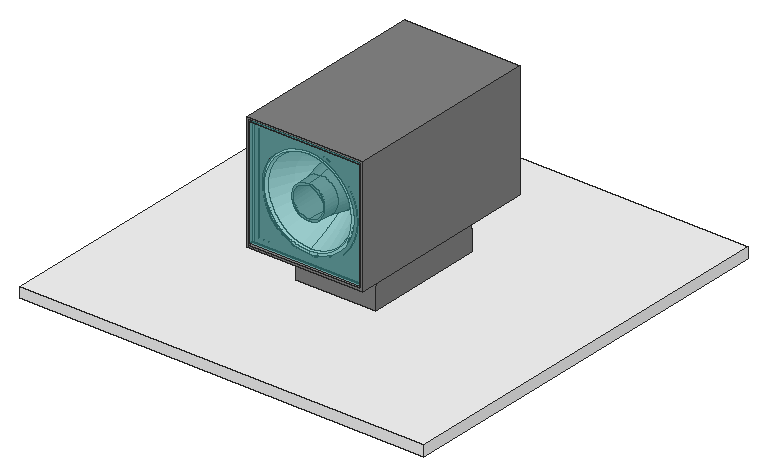
Revit family "BE_24616_de_DE", category Leuchten, Revit 2020
Family settings
  Basisbauteil = Fläche
  Bemaßung runder Anschluss = Durchmesser verwenden
  Teiletyp = Normal
  Beim Laden mit Abzugskörper schneiden = Ja
  Lichtquelle = Ja
  Gemeinsam genutzt = Nein
  Raumberechnungspunkt = Ja
Parameters (values of type "BEGA_24616_Grafit_K3")
  built-in parameter 1150104 = 16.37 (stored number, unit not read)
  Wattage = 16.8 W
  Default Elevation = 0 mm
  built-in parameter 1150113 = 1 (stored number, unit not read)
  built-in parameter 1114218 = 1 (stored number, unit not read)
  Umgebungstemperatur = "25 °C"
  URL = "https://www.bega.com/de/produkt/24616"
  Typenkommentare = "© 2022 BEGA. Wir behalten uns das Recht vor, technische Änderungen ohne vorherige Ankündigung vorzunehmen."  # constant formula
  built-in parameter 1150134 = (empty or 0)
  built-in parameter 1150109 = 1 (stored number, unit not read)
  Strom = ""
  built-in parameter 1150110 = 1 (stored number, unit not read)
  Spannung = 239.996 V
  Sonderanfertigung = no
  Seriennummer [instance] = "Hier können Sie die eindeutige Seriennummer für das Facility Management eintragen."
  Schutzklasse = "I"
  Schutzart = "IP 65"
  Scheinlast = 0 VA
  Produktdatenblatt = "https://cdn.bega.com/bega/products/24616AK3/current/documents/data-sheets/de"
  Oberflächentemperatur = ""
  Neigungswinkel = 0.00°
  Modell = "24616K3"
  Material_18 = BEGA_Gummi_schwarz
  Material_17 = BEGA_Reflektor
  Material_15 = BEGA_Leuchtmedium_matt
  Material_11 = BEGA_Glas_opal
  Material_09 = BEGA_Glas_klar
  Material_06 = BEGA_Oberfläche_Edelstahl_gebürstet
  Material_03 = BEGA_Oberfläche_Weiss_matt
  Material_02 = BEGA_Oberfläche_Silber_matt
  Material_01 [instance] = BEGA_Oberfläche_Grafit_matt
  M_W = no
  M_G = yes
  M_A = no
  Logo = 0
  built-in parameter 1114217 = 1 (stored number, unit not read)
  built-in parameter 1150139 = (empty or 0)
  built-in parameter 1150105 = 235.56 (stored number, unit not read)
  built-in parameter 1150114 = 1 (stored number, unit not read)
  Lumens = 2960.16 lm
  built-in parameter 1150115 = 1 (stored number, unit not read)
  Leuchtenlichtstrom = "980 lm"
  Leuchtenanzahl = ""
  Lebensdauerkriterien = "L70B50 @ 25 °C = 170000 h"
  Lastklassifizierung = Beleuchtung
  built-in parameter 1150112 = 1 (stored number, unit not read)
  Lampenlichtstrom = "2960 lm"
  Lampe = "LED 16.8 W"
  LED_Modulbezeichnung = "2x LED-1145/830"
  built-in parameter 1150142 = (empty or 0)
  Hersteller = "BEGA"  # constant formula
  Halbstreuwinkel = ""
  Gewicht = "2.65 kg"
  Gebrauchslageneinschränkung [instance] = ""
  Frequenz = "0/50-60 Hz"
  Farbwiedergabeindex = "CRI > 80"
  Farbtemperaturverschiebung bei Dämpfen der Lampe = <Keine Auswahl>
  Farbtemperatur = "3000 K"
  Color Filter = 16777215
  built-in parameter 1150133 = 10 (stored number, unit not read)
  Energieeffizienzklasse = "LED A++ - A"
  built-in parameter 1150137 = (empty or 0)
  built-in parameter 1150132 = (empty or 0)
  ENEC = ""
  Dimmbar [instance] = "on/off"
  Datei für fotometrisches Netz = "BE_24616K3.IES"
  CE_Konformität = "ja"
  Bestellnummer = "24616K3"
  Beschreibung_Sonderanfertigung = "Hier können Sie Informationen zur Sonderanfertigung eintragen."
  Beschreibung = "Wandleuchte"
  built-in parameter 1150106 = 2.3556 (stored number, unit not read)
  Befestigungsbohrung = "Ø 4,4 mm"
  Befestigungsabstand = "60 x 95 mm"
  Ballwurfsicher = ""
  BEGA_Intern_aus = yes
  BEGA_Intern_an = yes
  BEGA_Intern_Konstruktion = yes
  BEGA_Intern = yes
  BEGA_IES = yes
  BEGA_Dummy = no
  Anschlussleitung = ""
  Anschlussleistung [instance] = "19 W"
  Anschlusskasten = ""
  built-in parameter 1150107 = 3000 (stored number, unit not read)
  built-in parameter 1150102 = (empty or 0)
  built-in parameter 1150138 = (empty or 0)
  Aktualisierung = "2022-05-18T04:00:07"
  Abstand_zur_angestrahlten_Fläche [instance] = ""
  AC/DC = "AC/DC"
Types (6, lengths in mm): name | built-in parameter 1150104 | built-in parameter 1150134 | Modell | M_W | M_G | M_A | built-in parameter 1150105 | Lumens | Leuchtenlichtstrom | Lampenlichtstrom | LED_Modulbezeichnung | Farbtemperatur | Datei für fotometrisches Netz | Bestellnummer | built-in parameter 1150106 | built-in parameter 1150107
  BEGA_24616_Grafit_K3 | 16.37 (stored number, unit not read) | (empty or 0) | "24616K3" | no | yes | no | 235.56 (stored number, unit not read) | 2960.16 lm | "980 lm" | "2960 lm" | "2x LED-1145/830" | "3000 K" | "BE_24616K3.IES" | "24616K3" | 2.3556 (stored number, unit not read) | 3000 (stored number, unit not read)
  BEGA_24616_Grafit_K4 | 17.196 (stored number, unit not read) | 12 | "24616K4" | no | yes | no | 247.46 (stored number, unit not read) | 3109.68 lm | "1029 lm" | "3110 lm" | "2x LED-1145/840" | "4000 K" | "BE_24616K4.IES" | "24616K4" | 2.4746 (stored number, unit not read) | 4000 (stored number, unit not read)
  BEGA_24616_Weiß_K3 | 16.37 (stored number, unit not read) | (empty or 0) | "24616WK3" | yes | no | no | 235.56 (stored number, unit not read) | 2960.16 lm | "980 lm" | "2960 lm" | "2x LED-1145/830" | "3000 K" | "BE_24616K3.IES" | "24616WK3" | 2.3556 (stored number, unit not read) | 3000 (stored number, unit not read)
  BEGA_24616_Weiß_K4 | 17.196 (stored number, unit not read) | 12 | "24616WK4" | yes | no | no | 247.46 (stored number, unit not read) | 3109.68 lm | "1029 lm" | "3110 lm" | "2x LED-1145/840" | "4000 K" | "BE_24616K4.IES" | "24616WK4" | 2.4746 (stored number, unit not read) | 4000 (stored number, unit not read)
  BEGA_24616_Silber_K3 | 16.37 (stored number, unit not read) | (empty or 0) | "24616AK3" | no | no | yes | 235.56 (stored number, unit not read) | 2960.16 lm | "980 lm" | "2960 lm" | "2x LED-1145/830" | "3000 K" | "BE_24616K3.IES" | "24616AK3" | 2.3556 (stored number, unit not read) | 3000 (stored number, unit not read)
  BEGA_24616_Silber_K4 | 17.196 (stored number, unit not read) | 12 | "24616AK4" | no | no | yes | 247.46 (stored number, unit not read) | 3109.68 lm | "1029 lm" | "3110 lm" | "2x LED-1145/840" | "4000 K" | "BE_24616K4.IES" | "24616AK4" | 2.4746 (stored number, unit not read) | 4000 (stored number, unit not read)
Reference planes
  plane 1 "Mitte (Vorne/Hinten)": y = 0
  plane 2: z = 0
  plane 3 "Mitte (Links/Rechts)": x = 0
  plane 4 "Links": x = -57.544
  plane 5 "Rechts": x = 56.748
  plane 6 "Unten": y = -97.7
  plane 7 "Oben": y = 97.7
  plane 8 "Vorne": z = 155.7
  plane 9 "Hinten": z = 0
Forms (mm)
  Extrusion 1, solid, material "BEGA_Platte_Weiss"
    sketch origin (0, -1119.2, 0) x (1, 0, 0) y (0, 1, 0)
      loop
        line (-200, 1319.2) -> (-200, 919.2) -> (200, 919.2) -> (200, 1319.2) -> (-200, 1319.2)
    from 0 to -10
  Extrusion 2, solid, material "BEGA_Dummy_matt", visible <- "BEGA_Dummy"
    sketch origin (80.095, -76.023, 0) x (1, 0, 0) y (0, 1, 0)
      loop
        line (-137.639, 173.723) -> (-137.639, -21.677) -> (-23.347, -21.677) -> (-23.347, 173.723) -> (-137.639, 173.723)
    from 0 to 155.7
Dimensions and locks
  plane 1 "Mitte (Vorne/Hinten)" to Extrusion 1 = 200 mm
  aligned and locked: Extrusion 1 to plane 2
  aligned and locked: Extrusion 1 to level
Nested families
  nested 1: "BE_24616" at (0, 0, 0) x (0, 1, 0) z (0, 0, 1), type "BE_24616"
Connectors
  electrical at (0, 0, 0), driven by "Lastklassifizierung", driven by "Spannung", driven by "Scheinlast"
    settings: index 1, voltage 239.996 V, apparent load 0 VA, apparent load phase1 0 VA, apparent load phase2 0 VA, apparent load phase3 0 VA, power factor 1, load classification "Beleuchtung", number of poles 1, system type 31, power factor state 1, is connector primary yes, connector utility no, sub classification motor no, connector description ""
Definition of nested family "BE_24616"
  Parameters (values of type "BE_24616")
    Default Elevation = 1 mm
    URL = "http://www.bega.de/de/produkt"
    Type Comments = "© 2015 BEGA. Wir behalten uns das Recht vor, technische Änderungen ohne vorherige Ankündigung vorzunehmen. "  # constant formula
    Type Image = (empty or 0)
    Neigungswinkel_um_Z2 = 0.00°
    Neigungswinkel_um_Z1 = 0.00°
    Neigungswinkel_um_Y2 = 0.00°
    Neigungswinkel_um_Y1 = 0.00°
    Neigungswinkel_um_X2 = 0.00°
    Neigungswinkel_um_X1 = 0.00°
    Material_18 = none
    Material_17 = none
    Material_15 = none
    Material_11 = none
    Material_09 = none
    Material_06 = none
    Material_03 = none
    Material_02 = none
    Material_01 = none
    M_W = yes
    M_G = yes
    M_A = yes
    Länge_Platte = 400 mm  # constant formula
    Höhe_Platte = -20 mm  # constant formula
    Manufacturer = "BEGA"  # constant formula
    Drehwinkel_um_Z2 = 0.00°
    Drehwinkel_um_Z1 = 0.00°
    Breite_Platte = 400 mm  # constant formula
  Reference planes
    plane 1 "Mitte (Oben/Unten)": y = 0
    plane 2: z = 0
    plane 3 "Mitte (Links/Rechts)": x = 0
    plane 4: y = -56.748
    plane 5: z = 155.7
    plane 6: x = 97.7
    plane 7: x = -97.7
    plane 8: y = 57.544
  Forms (mm)
    Extrusion 1, solid, detail levels medium
      sketch origin (0, 0, 0) x (1, 0, 0) y (0, 1, 0)
        loop
          line (-200, 200) -> (-200, -200) -> (200, -200) -> (200, 200) -> (-200, 200)
      from 0 to -20 <- "Höhe_Platte"
    Extrusion 2, solid, material <- "Material_01", visible <- "M_G"
      sketch origin (0, 0, 0) x (1, 0, 0) y (0, 0, 1)
        loop
          line (-97.491, 155.7) -> (-97.491, 40.7) -> (97.5, 40.7) -> (97.5, 155.7) -> (-97.491, 155.7)
      from -57.544 to 56.748
    Extrusion 3, void
      sketch origin (0, 0, 0) x (1, 0, 0) y (0, 0, 1)
        loop
          line (-42, 49.999) -> (-42, 146.401) -> (-99.803, 146.401) -> (-99.803, 49.999) -> (-42, 49.999)
      from -48.649 to 48.6
    Extrusion 4, void
      sketch origin (0, 0, 0) x (-1, 0, 0) y (0, 0, -1)
        loop
          line (-42, -49.999) -> (-99.803, -49.999) -> (-99.803, -146.401) -> (-42, -146.401) -> (-42, -49.999)
      from -48.649 to 48.6
    Extrusion 5, void
      sketch origin (0, 0, 0) x (1, 0, 0) y (0, 0, 1)
        loop
          line (-93.3, 43.865) -> (-93.3, 152.535) -> (-100.047, 154.991) -> (-100.047, 41.409) -> (-93.3, 43.865)
      from -55.733 to 54.967
    Extrusion 6, void
      sketch origin (0, 0, 0) x (-1, 0, 0) y (0, 0, -1)
        loop
          line (-93.3, -43.865) -> (-100.047, -41.409) -> (-100.047, -154.991) -> (-93.3, -152.535) -> (-93.3, -43.865)
      from -55.733 to 54.967
    Extrusion 7, solid, material <- "Material_18"
      sketch origin (0, 0, 0) x (0, 1, 0) y (0, 0, -1)
        loop
          line (-53.81, -151.7) -> (53.19, -151.7) -> (53.19, -44.7) -> (-53.81, -44.7) -> (-53.81, -151.7)
        loop
          circle (-0.31, -98.2) r 45.5
      from 93.3 to 93.6
    Revolve 8, solid, material <- "Material_17"
      sketch origin (0, 0, 0) x (1, 0, 0) y (0, 0, 1)
        loop
          line (-93.3, 141.201) -> (-90.658, 140.206)
          arc (-90.658, 140.206) -> (-69.464, 131.212) -> (-49.638, 119.507) r 174.538
          line (-49.638, 119.507) -> (-46.3, 119.507) -> (-46.3, 108.221) -> (-45.1, 108.2) -> (-45.1, 120.586) -> (-49.062, 120.586)
          arc (-49.062, 120.586) -> (-68.639, 132.102) -> (-89.515, 141.055) r 179.487
          line (-89.515, 141.055) -> (-92.1, 142.034) -> (-92.1, 147.2) -> (-93.3, 147.2) -> (-93.3, 141.201)
        axis (-93.3, 98.2) -> (-45.1, 98.2)
      angle from 0 to 360
    Revolve 9, solid, material <- "Material_17"
      sketch origin (0, 0, 0) x (-1, 0, 0) y (0, 0, 1)
        loop
          line (-93.3, 141.201) -> (-90.658, 140.206)
          arc (-90.658, 140.206) -> (-69.464, 131.212) -> (-49.638, 119.507) r 174.538
          line (-49.638, 119.507) -> (-46.3, 119.507) -> (-46.3, 108.221) -> (-45.1, 108.2) -> (-45.1, 120.586) -> (-49.062, 120.586)
          arc (-49.062, 120.586) -> (-68.639, 132.102) -> (-89.515, 141.055) r 179.487
          line (-89.515, 141.055) -> (-92.1, 142.034) -> (-92.1, 147.2) -> (-93.3, 147.2) -> (-93.3, 141.201)
        axis (-93.3, 98.2) -> (-45.1, 98.2)
      angle from 0 to 360
    Revolve 10, solid, material <- "Material_01"
      sketch origin (0, 0, 0) x (1, 0, 0) y (0, 0, 1)
        loop
          line (-93.1, 114.801) -> (-93.1, 113.2) -> (-59.3, 114.38) -> (-59.3, 115.361) -> (-46.3, 115.483) -> (-46.3, 120.087) -> (-48.3, 120.087) -> (-48.3, 119.183) -> (-60.3, 119.078) -> (-78.006, 115.333) -> (-93.1, 114.801)
        axis (-93.1, 98.2) -> (-46.3, 98.2)
      angle from 0 to 360
    Revolve 11, solid, material <- "Material_01"
      sketch origin (0, 0, 0) x (-1, 0, 0) y (0, 0, 1)
        loop
          line (-93.1, 114.801) -> (-93.1, 113.2) -> (-59.3, 114.38) -> (-59.3, 115.361) -> (-46.3, 115.483) -> (-46.3, 120.087) -> (-48.3, 120.087) -> (-48.3, 119.183) -> (-60.3, 119.078) -> (-78.006, 115.333) -> (-93.1, 114.801)
        axis (-93.1, 98.2) -> (-46.3, 98.2)
      angle from 0 to 360
    Revolve 12, solid, material <- "Material_15"
      sketch origin (0, 0, 0) x (1, 0, 0) y (0, 0, 1)
        loop
          line (-42.948, 109.833) -> (-43.904, 109.833) -> (-43.904, 98.2) -> (-42.948, 98.2) -> (-42.948, 109.833)
        axis (-43.904, 98.2) -> (-42.904, 98.2)
      angle from 0 to 360
    Revolve 13, solid, material <- "Material_15"
      sketch origin (0, 0, 0) x (-1, 0, 0) y (0, 0, 1)
        loop
          line (-42.948, 109.833) -> (-43.904, 109.833) -> (-43.904, 98.2) -> (-42.948, 98.2) -> (-42.948, 109.833)
        axis (-43.904, 98.2) -> (-42.904, 98.2)
      angle from 0 to 360
    Extrusion 14, solid, material <- "Material_01", visible <- "M_G"
      sketch origin (0, 0, 0) x (1, 0, 0) y (0, 0, 1)
        loop
          line (-59, 1) -> (58.993, 1.253) -> (57.856, 44.7) -> (-57.856, 44.7) -> (-59, 1)
      from -39.391 to 39.427
    Extrusion 15, solid, material <- "Material_01", visible <- "M_G"
      sketch origin (0, 0, 0) x (1, 0, 0) y (0, 1, 0)
        loop
          arc (49.798, 28.683) -> (52.019, 30.896) -> (49.803, 33.114) r 2.215
          line (49.803, 33.114) -> (45.803, 33.114)
          arc (45.803, 33.114) -> (43.588, 30.901) -> (45.798, 28.683) r 2.215
          line (45.798, 28.683) -> (49.798, 28.683)
        loop
          line (45.803, 26.684) -> (49.803, 26.684)
          arc (49.803, 26.684) -> (54.018, 30.899) -> (49.803, 35.114) r 4.215
          line (49.803, 35.114) -> (45.803, 35.114)
          arc (45.803, 35.114) -> (41.588, 30.899) -> (45.803, 26.684) r 4.215
      from 0 to 10.593
    Extrusion 16, solid, material <- "Material_01", visible <- "M_G"
      sketch origin (0, 0, 0) x (1, 0, 0) y (0, 1, 0)
        loop
          line (45.803, -35.316) -> (49.803, -35.316)
          arc (49.803, -35.316) -> (54.018, -31.101) -> (49.803, -26.886) r 4.215
          line (49.803, -26.886) -> (45.803, -26.886)
          arc (45.803, -26.886) -> (41.588, -31.101) -> (45.803, -35.316) r 4.215
      from 0 to 12.001
    Extrusion 17, solid, material <- "Material_01", visible <- "M_G"
      sketch origin (0, 0, 0) x (1, 0, 0) y (0, 1, 0)
        loop
          line (-49.412, -27.101) -> (-49.412, -31.101)
          arc (-49.412, -31.101) -> (-47.197, -33.317) -> (-44.981, -31.101) r 2.215
          line (-44.981, -31.101) -> (-44.981, -27.101)
          arc (-44.981, -27.101) -> (-47.197, -24.886) -> (-49.412, -27.101) r 2.215
        loop
          arc (-51.412, -31.101) -> (-47.197, -35.316) -> (-42.982, -31.101) r 4.215
          line (-42.982, -31.101) -> (-42.982, -27.101)
          arc (-42.982, -27.101) -> (-47.197, -22.886) -> (-51.412, -27.101) r 4.215
          line (-51.412, -27.101) -> (-51.412, -31.101)
      from 0 to 14.144
    Extrusion 18, solid, material <- "Material_01", visible <- "M_G"
      sketch origin (0, 0, 0) x (1, 0, 0) y (0, 1, 0)
        loop
          arc (-42.982, 30.899) -> (-47.197, 35.114) -> (-51.412, 30.899) r 4.215
          line (-51.412, 30.899) -> (-51.412, 26.899)
          arc (-51.412, 26.899) -> (-47.197, 22.684) -> (-42.982, 26.899) r 4.215
          line (-42.982, 26.899) -> (-42.982, 30.899)
      from 0 to 14.144
    Extrusion 19, solid, material <- "Material_09"
      sketch origin (0, 0, 0) x (1, 0, 0) y (0, 0, 1)
        loop
          line (-97.7, 44.2) -> (-93.6, 44.2) -> (-93.6, 152.2) -> (-97.7, 152.2) -> (-97.7, 44.2)
      from -54.608 to 54.31
    Extrusion 20, solid, material <- "Material_09"
      sketch origin (0, 0, 0) x (-1, 0, 0) y (0, 0, -1)
        loop
          line (-97.7, -44.2) -> (-97.7, -152.2) -> (-93.6, -152.2) -> (-93.6, -44.2) -> (-97.7, -44.2)
      from -54.608 to 54.31
    Extrusion 21, solid, material <- "Material_18"
      sketch origin (0, 0, 0) x (0, 1, 0) y (0, 0, 1)
        loop
          line (-53.81, 151.7) -> (-53.81, 44.7) -> (53.19, 44.7) -> (53.19, 151.7) -> (-53.81, 151.7)
        loop
          circle (-0.31, 98.2) r 45.5
      from 93.199 to 93.6
    Extrusion 22, solid, material <- "Material_02", visible <- "M_A"
      sketch origin (0, 0, 0) x (1, 0, 0) y (0, 0, 1)
        loop
          line (-97.491, 155.7) -> (-97.491, 40.7) -> (97.5, 40.7) -> (97.5, 155.7) -> (-97.491, 155.7)
      from -57.544 to 56.748
    Extrusion 23, solid, material <- "Material_03", visible <- "M_W"
      sketch origin (0, 0, 0) x (1, 0, 0) y (0, 0, 1)
        loop
          line (-97.491, 155.7) -> (-97.491, 40.7) -> (97.5, 40.7) -> (97.5, 155.7) -> (-97.491, 155.7)
      from -57.544 to 56.748
    Extrusion 24, solid, material <- "Material_02", visible <- "M_A"
      sketch origin (0, 0, 0) x (1, 0, 0) y (0, 0, 1)
        loop
          line (-59, 1) -> (58.993, 1.253) -> (57.856, 44.7) -> (-57.856, 44.7) -> (-59, 1)
      from -39.391 to 39.427
    Extrusion 25, solid, material <- "Material_03", visible <- "M_W"
      sketch origin (0, 0, 0) x (1, 0, 0) y (0, 0, 1)
        loop
          line (-59, 1) -> (58.993, 1.253) -> (57.856, 44.7) -> (-57.856, 44.7) -> (-59, 1)
      from -39.391 to 39.427
    Extrusion 26, solid, material <- "Material_02", visible <- "M_A"
      sketch origin (0, 0, 0) x (1, 0, 0) y (0, 1, 0)
        loop
          line (45.803, -35.316) -> (49.803, -35.316)
          arc (49.803, -35.316) -> (54.018, -31.101) -> (49.803, -26.886) r 4.215
          line (49.803, -26.886) -> (45.803, -26.886)
          arc (45.803, -26.886) -> (41.588, -31.101) -> (45.803, -35.316) r 4.215
      from 0 to 12.001
    Extrusion 27, solid, material <- "Material_03", visible <- "M_W"
      sketch origin (0, 0, 0) x (1, 0, 0) y (0, 1, 0)
        loop
          line (45.803, -35.316) -> (49.803, -35.316)
          arc (49.803, -35.316) -> (54.018, -31.101) -> (49.803, -26.886) r 4.215
          line (49.803, -26.886) -> (45.803, -26.886)
          arc (45.803, -26.886) -> (41.588, -31.101) -> (45.803, -35.316) r 4.215
      from 0 to 12.001
    Extrusion 28, solid, material <- "Material_02", visible <- "M_A"
      sketch origin (0, 0, 0) x (1, 0, 0) y (0, 1, 0)
        loop
          arc (49.798, 28.683) -> (52.019, 30.896) -> (49.803, 33.114) r 2.215
          line (49.803, 33.114) -> (45.803, 33.114)
          arc (45.803, 33.114) -> (43.588, 30.901) -> (45.798, 28.683) r 2.215
          line (45.798, 28.683) -> (49.798, 28.683)
        loop
          line (45.803, 26.684) -> (49.803, 26.684)
          arc (49.803, 26.684) -> (54.018, 30.899) -> (49.803, 35.114) r 4.215
          line (49.803, 35.114) -> (45.803, 35.114)
          arc (45.803, 35.114) -> (41.588, 30.899) -> (45.803, 26.684) r 4.215
      from 0 to 10.593
    Extrusion 29, solid, material <- "Material_03", visible <- "M_W"
      sketch origin (0, 0, 0) x (1, 0, 0) y (0, 1, 0)
        loop
          arc (49.798, 28.683) -> (52.019, 30.896) -> (49.803, 33.114) r 2.215
          line (49.803, 33.114) -> (45.803, 33.114)
          arc (45.803, 33.114) -> (43.588, 30.901) -> (45.798, 28.683) r 2.215
          line (45.798, 28.683) -> (49.798, 28.683)
        loop
          line (45.803, 26.684) -> (49.803, 26.684)
          arc (49.803, 26.684) -> (54.018, 30.899) -> (49.803, 35.114) r 4.215
          line (49.803, 35.114) -> (45.803, 35.114)
          arc (45.803, 35.114) -> (41.588, 30.899) -> (45.803, 26.684) r 4.215
      from 0 to 10.593
    Extrusion 30, solid, material <- "Material_02", visible <- "M_A"
      sketch origin (0, 0, 0) x (1, 0, 0) y (0, 1, 0)
        loop
          line (-49.412, -27.101) -> (-49.412, -31.101)
          arc (-49.412, -31.101) -> (-47.197, -33.317) -> (-44.981, -31.101) r 2.215
          line (-44.981, -31.101) -> (-44.981, -27.101)
          arc (-44.981, -27.101) -> (-47.197, -24.886) -> (-49.412, -27.101) r 2.215
        loop
          arc (-51.412, -31.101) -> (-47.197, -35.316) -> (-42.982, -31.101) r 4.215
          line (-42.982, -31.101) -> (-42.982, -27.101)
          arc (-42.982, -27.101) -> (-47.197, -22.886) -> (-51.412, -27.101) r 4.215
          line (-51.412, -27.101) -> (-51.412, -31.101)
      from 0 to 14.144
    Extrusion 31, solid, material <- "Material_03", visible <- "M_W"
      sketch origin (0, 0, 0) x (1, 0, 0) y (0, 1, 0)
        loop
          line (-49.412, -27.101) -> (-49.412, -31.101)
          arc (-49.412, -31.101) -> (-47.197, -33.317) -> (-44.981, -31.101) r 2.215
          line (-44.981, -31.101) -> (-44.981, -27.101)
          arc (-44.981, -27.101) -> (-47.197, -24.886) -> (-49.412, -27.101) r 2.215
        loop
          arc (-51.412, -31.101) -> (-47.197, -35.316) -> (-42.982, -31.101) r 4.215
          line (-42.982, -31.101) -> (-42.982, -27.101)
          arc (-42.982, -27.101) -> (-47.197, -22.886) -> (-51.412, -27.101) r 4.215
          line (-51.412, -27.101) -> (-51.412, -31.101)
      from 0 to 14.144
    Extrusion 32, solid, material <- "Material_02", visible <- "M_A"
      sketch origin (0, 0, 0) x (1, 0, 0) y (0, 1, 0)
        loop
          arc (-42.982, 30.899) -> (-47.197, 35.114) -> (-51.412, 30.899) r 4.215
          line (-51.412, 30.899) -> (-51.412, 26.899)
          arc (-51.412, 26.899) -> (-47.197, 22.684) -> (-42.982, 26.899) r 4.215
          line (-42.982, 26.899) -> (-42.982, 30.899)
      from 0 to 14.144
    Extrusion 33, solid, material <- "Material_03", visible <- "M_W"
      sketch origin (0, 0, 0) x (1, 0, 0) y (0, 1, 0)
        loop
          arc (-42.982, 30.899) -> (-47.197, 35.114) -> (-51.412, 30.899) r 4.215
          line (-51.412, 30.899) -> (-51.412, 26.899)
          arc (-51.412, 26.899) -> (-47.197, 22.684) -> (-42.982, 26.899) r 4.215
          line (-42.982, 26.899) -> (-42.982, 30.899)
      from 0 to 14.144
  Cuts and joins
    Extrusion 3, Extrusion 4, Extrusion 5, Extrusion 6 cuts Extrusion 2
    Extrusion 3, Extrusion 4, Extrusion 5, Extrusion 6 cuts Extrusion 23
    Extrusion 3, Extrusion 4, Extrusion 5, Extrusion 6 cuts Extrusion 22
  Dimensions and locks
    equal spacing: Extrusion 1 sketch curve, plane 3 "Mitte (Links/Rechts)", Extrusion 1 sketch curve
    equal spacing: Extrusion 1 sketch curve, plane 1 "Mitte (Oben/Unten)", Extrusion 1 sketch curve
    "Länge_Platte": Extrusion 1 sketch curve to Extrusion 1 sketch curve
    "Breite_Platte": Extrusion 1 sketch curve to Extrusion 1 sketch curve
    aligned and locked: Extrusion 1 to plane 2
    aligned and locked: Extrusion 1 to level
  Automatic sketch dimensions
    level to Extrusion 2 sketch curve = 40.7 mm
    Extrusion 2 sketch curve to plane 3 "Mitte (Links/Rechts)" = 97.491 mm
    plane 3 "Mitte (Links/Rechts)" to Extrusion 2 sketch curve = 97.5 mm
    Extrusion 2 sketch curve to Extrusion 2 sketch curve = 115 mm
    Extrusion 3 sketch curve to plane 3 "Mitte (Links/Rechts)" = 99.803 mm
    Extrusion 3 sketch curve to plane 3 "Mitte (Links/Rechts)" = 42 mm
    level to Extrusion 3 sketch curve = 49.999 mm
    Extrusion 3 sketch curve to Extrusion 3 sketch curve = 96.401 mm
    Extrusion 4 sketch curve to plane 3 "Mitte (Links/Rechts)" = 99.803 mm
    Extrusion 4 sketch curve to plane 3 "Mitte (Links/Rechts)" = 42 mm
    Extrusion 4 sketch curve to level = 49.999 mm
    Extrusion 4 sketch curve to Extrusion 4 sketch curve = 96.401 mm
    Extrusion 5 sketch curve to plane 3 "Mitte (Links/Rechts)" = 100.047 mm
    level to Extrusion 5 sketch curve = 43.865 mm
    Extrusion 5 sketch curve to Extrusion 5 sketch curve = 6.747 mm
    Extrusion 5 sketch curve to Extrusion 5 sketch curve = 2.456 mm  (x2)
    Extrusion 5 sketch curve to Extrusion 5 sketch curve = 108.671 mm
    Extrusion 6 sketch curve to plane 3 "Mitte (Links/Rechts)" = 100.047 mm
    Extrusion 6 sketch curve to level = 43.865 mm
    Extrusion 6 sketch curve to Extrusion 6 sketch curve = 6.747 mm
    Extrusion 6 sketch curve to Extrusion 6 sketch curve = 2.456 mm  (x2)
    Extrusion 6 sketch curve to Extrusion 6 sketch curve = 108.671 mm
    plane 4 to Extrusion 7 sketch curve = 2.938 mm
    plane 1 "Mitte (Oben/Unten)" to Extrusion 7 sketch curve = 0.31 mm
    Extrusion 7 sketch curve to plane 1 "Mitte (Oben/Unten)" = 53.19 mm
    level to Extrusion 7 sketch curve = 151.7 mm
    Extrusion 7 sketch curve to Extrusion 7 sketch curve = 53.5 mm
    level to Extrusion 7 sketch curve = 44.7 mm
    Revolve 8 sketch curve to level = 28.05 mm
    Revolve 8 sketch curve to plane 3 "Mitte (Links/Rechts)" = 149.675 mm
    Revolve 8 sketch curve to Revolve 8 sketch curve = 1.579 mm
    Revolve 8 sketch curve to plane 3 "Mitte (Links/Rechts)" = 93.3 mm
    Revolve 8 sketch curve to Revolve 8 sketch curve = 1.2 mm  (x2)
    Revolve 8 sketch curve to Revolve 8 sketch curve = 1.442 mm
    Revolve 8 sketch curve to Revolve 8 sketch curve = 1.143 mm
    Revolve 8 sketch curve to Revolve 8 sketch curve = 39.877 mm
    Revolve 8 sketch curve to Revolve 8 sketch curve = 0.576 mm
    Revolve 8 sketch curve to Revolve 8 sketch curve = 3.338 mm
    Revolve 8 sketch curve to Revolve 8 sketch curve = 3.44 mm
    level to Revolve 8 sketch curve = 108.2 mm
    Revolve 8 sketch curve to Revolve 8 sketch curve = 0.021 mm
    Revolve 8 sketch curve to Revolve 8 sketch curve = 11.286 mm
    Revolve 8 sketch curve to Revolve 8 sketch curve = 1.079 mm
    Revolve 8 sketch curve to Revolve 8 sketch curve = 0.994 mm
    Revolve 8 sketch curve to Revolve 8 sketch curve = 0.833 mm
    Revolve 8 sketch curve to Revolve 8 sketch curve = 5.166 mm
    Revolve 8 sketch curve to Revolve 8 sketch curve = 4.642 mm
    Revolve 8 sketch curve to Revolve 8 sketch curve = 2 mm
    Revolve 8 sketch curve to Revolve 8 sketch curve = 42.006 mm
    level to Revolve 9 sketch curve = 28.05 mm
    Revolve 9 sketch curve to plane 3 "Mitte (Links/Rechts)" = 149.675 mm
    Revolve 9 sketch curve to Revolve 9 sketch curve = 1.579 mm
    Revolve 9 sketch curve to plane 3 "Mitte (Links/Rechts)" = 93.3 mm
    Revolve 9 sketch curve to Revolve 9 sketch curve = 1.2 mm  (x2)
    Revolve 9 sketch curve to Revolve 9 sketch curve = 1.442 mm
    Revolve 9 sketch curve to Revolve 9 sketch curve = 1.143 mm
    Revolve 9 sketch curve to Revolve 9 sketch curve = 39.877 mm
    Revolve 9 sketch curve to Revolve 9 sketch curve = 0.576 mm
    Revolve 9 sketch curve to Revolve 9 sketch curve = 3.338 mm
    Revolve 9 sketch curve to Revolve 9 sketch curve = 3.44 mm
    Revolve 9 sketch curve to level = 108.2 mm
    Revolve 9 sketch curve to Revolve 9 sketch curve = 0.021 mm
    Revolve 9 sketch curve to Revolve 9 sketch curve = 11.286 mm
    Revolve 9 sketch curve to Revolve 9 sketch curve = 1.079 mm
    Revolve 9 sketch curve to Revolve 9 sketch curve = 0.994 mm
    Revolve 9 sketch curve to Revolve 9 sketch curve = 0.833 mm
    Revolve 9 sketch curve to Revolve 9 sketch curve = 5.166 mm
    Revolve 9 sketch curve to Revolve 9 sketch curve = 4.642 mm
    Revolve 9 sketch curve to Revolve 9 sketch curve = 2 mm
    Revolve 9 sketch curve to Revolve 9 sketch curve = 42.006 mm
    Revolve 10 sketch curve to plane 3 "Mitte (Links/Rechts)" = 93.1 mm
    Revolve 10 sketch curve to Revolve 10 sketch curve = 15.094 mm
    Revolve 10 sketch curve to Revolve 10 sketch curve = 17.706 mm
    Revolve 10 sketch curve to Revolve 10 sketch curve = 1 mm
    Revolve 10 sketch curve to Revolve 10 sketch curve = 11 mm
    Revolve 10 sketch curve to Revolve 10 sketch curve = 2 mm
    level to Revolve 10 sketch curve = 113.2 mm
    Revolve 10 sketch curve to Revolve 10 sketch curve = 1.18 mm
    Revolve 10 sketch curve to Revolve 10 sketch curve = 1.601 mm
    Revolve 10 sketch curve to Revolve 10 sketch curve = 0.532 mm
    Revolve 10 sketch curve to Revolve 10 sketch curve = 0.981 mm
    Revolve 10 sketch curve to Revolve 10 sketch curve = 0.122 mm
    Revolve 10 sketch curve to Revolve 10 sketch curve = 3.717 mm
    Revolve 10 sketch curve to Revolve 10 sketch curve = 3.7 mm
    Revolve 10 sketch curve to Revolve 10 sketch curve = 0.904 mm
    Revolve 10 sketch curve to Revolve 10 sketch curve = 2.2 mm
    Revolve 10 sketch curve to Revolve 10 sketch curve = 3.2 mm
    Revolve 10 sketch curve to Revolve 10 sketch curve = 17.283 mm
    Revolve 11 sketch curve to plane 3 "Mitte (Links/Rechts)" = 93.1 mm
    Revolve 11 sketch curve to Revolve 11 sketch curve = 15.094 mm
    Revolve 11 sketch curve to Revolve 11 sketch curve = 17.706 mm
    Revolve 11 sketch curve to Revolve 11 sketch curve = 1 mm
    Revolve 11 sketch curve to Revolve 11 sketch curve = 11 mm
    Revolve 11 sketch curve to Revolve 11 sketch curve = 2 mm
    Revolve 11 sketch curve to level = 113.2 mm
    Revolve 11 sketch curve to Revolve 11 sketch curve = 1.18 mm
    Revolve 11 sketch curve to Revolve 11 sketch curve = 1.601 mm
    Revolve 11 sketch curve to Revolve 11 sketch curve = 0.532 mm
    Revolve 11 sketch curve to Revolve 11 sketch curve = 0.981 mm
    Revolve 11 sketch curve to Revolve 11 sketch curve = 0.122 mm
    Revolve 11 sketch curve to Revolve 11 sketch curve = 3.717 mm
    Revolve 11 sketch curve to Revolve 11 sketch curve = 3.7 mm
    Revolve 11 sketch curve to Revolve 11 sketch curve = 0.904 mm
    Revolve 11 sketch curve to Revolve 11 sketch curve = 2.2 mm
    Revolve 11 sketch curve to Revolve 11 sketch curve = 3.2 mm
    Revolve 11 sketch curve to Revolve 11 sketch curve = 17.283 mm
    Revolve 12 sketch curve to plane 3 "Mitte (Links/Rechts)" = 43.904 mm
    Revolve 12 sketch curve to Revolve 12 sketch curve = 0.956 mm
    level to Revolve 12 sketch curve = 98.2 mm
    Revolve 12 sketch curve to Revolve 12 sketch curve = 11.633 mm
    Revolve 12 sketch curve to Revolve 12 sketch curve = 51.396 mm
    Revolve 12 sketch curve to Revolve 12 sketch curve = 0.152 mm
    Revolve 12 sketch curve to Revolve 12 sketch curve = 0 mm
    Revolve 13 sketch curve to plane 3 "Mitte (Links/Rechts)" = 43.904 mm
    Revolve 13 sketch curve to Revolve 13 sketch curve = 0.956 mm
    Revolve 13 sketch curve to level = 98.2 mm
    Revolve 13 sketch curve to Revolve 13 sketch curve = 11.633 mm
    Revolve 13 sketch curve to Revolve 13 sketch curve = 51.396 mm
    Revolve 13 sketch curve to Revolve 13 sketch curve = 0.152 mm
    Revolve 13 sketch curve to Revolve 13 sketch curve = 0 mm
    level to Extrusion 14 sketch curve = 1 mm
    Extrusion 14 sketch curve to plane 3 "Mitte (Links/Rechts)" = 59 mm
    Extrusion 14 sketch curve to Extrusion 14 sketch curve = 1.144 mm
    plane 3 "Mitte (Links/Rechts)" to Extrusion 14 sketch curve = 57.856 mm
    level to Extrusion 14 sketch curve = 1.253 mm
    Extrusion 14 sketch curve to Extrusion 14 sketch curve = 1.138 mm
    Extrusion 14 sketch curve to Extrusion 14 sketch curve = 43.447 mm
    Extrusion 15 sketch curve to Extrusion 15 sketch curve = 0 mm  (x16)
    plane 3 "Mitte (Links/Rechts)" to Extrusion 15 sketch curve = 45.798 mm
    Extrusion 15 sketch curve to Extrusion 15 sketch curve = 0.005 mm  (x4)
    Extrusion 15 sketch curve to Extrusion 15 sketch curve = 4 mm  (x2)
    Extrusion 15 sketch curve to plane 1 "Mitte (Oben/Unten)" = 28.683 mm
    Extrusion 15 sketch curve to Extrusion 15 sketch curve = 2.215 mm  (x2)
    Extrusion 15 sketch curve to Extrusion 15 sketch curve = 1.999 mm  (x2)
    plane 3 "Mitte (Links/Rechts)" to Extrusion 16 sketch curve = 45.803 mm
    Extrusion 16 sketch curve to Extrusion 16 sketch curve = 4 mm  (x3)
    Extrusion 16 sketch curve to Extrusion 16 sketch curve = 4.215 mm
    Extrusion 16 sketch curve to Extrusion 16 sketch curve = 0 mm  (x10)
    Extrusion 19 sketch curve to plane 3 "Mitte (Links/Rechts)" = 97.7 mm
    Extrusion 19 sketch curve to Extrusion 19 sketch curve = 4.1 mm
    level to Extrusion 19 sketch curve = 44.2 mm
    Extrusion 19 sketch curve to Extrusion 19 sketch curve = 108 mm
    Extrusion 20 sketch curve to plane 3 "Mitte (Links/Rechts)" = 97.7 mm
    Extrusion 20 sketch curve to Extrusion 20 sketch curve = 4.1 mm
    Extrusion 20 sketch curve to level = 44.2 mm
    Extrusion 20 sketch curve to Extrusion 20 sketch curve = 108 mm
    plane 4 to Extrusion 21 sketch curve = 2.938 mm
    plane 1 "Mitte (Oben/Unten)" to Extrusion 21 sketch curve = 0.31 mm
    Extrusion 21 sketch curve to plane 1 "Mitte (Oben/Unten)" = 53.19 mm
    level to Extrusion 21 sketch curve = 44.7 mm
    Extrusion 21 sketch curve to Extrusion 21 sketch curve = 53.5 mm  (x2)
    level to Extrusion 22 sketch curve = 40.7 mm
    Extrusion 22 sketch curve to plane 3 "Mitte (Links/Rechts)" = 97.491 mm
    plane 3 "Mitte (Links/Rechts)" to Extrusion 22 sketch curve = 97.5 mm
    Extrusion 22 sketch curve to Extrusion 22 sketch curve = 115 mm
    level to Extrusion 23 sketch curve = 40.7 mm
    Extrusion 23 sketch curve to plane 3 "Mitte (Links/Rechts)" = 97.491 mm
    plane 3 "Mitte (Links/Rechts)" to Extrusion 23 sketch curve = 97.5 mm
    Extrusion 23 sketch curve to Extrusion 23 sketch curve = 115 mm
    level to Extrusion 24 sketch curve = 1 mm
    Extrusion 24 sketch curve to plane 3 "Mitte (Links/Rechts)" = 59 mm
    Extrusion 24 sketch curve to Extrusion 24 sketch curve = 1.144 mm
    plane 3 "Mitte (Links/Rechts)" to Extrusion 24 sketch curve = 57.856 mm
    level to Extrusion 24 sketch curve = 1.253 mm
    Extrusion 24 sketch curve to Extrusion 24 sketch curve = 1.138 mm
    Extrusion 24 sketch curve to Extrusion 24 sketch curve = 43.447 mm
    level to Extrusion 25 sketch curve = 1 mm
    Extrusion 25 sketch curve to plane 3 "Mitte (Links/Rechts)" = 59 mm
    Extrusion 25 sketch curve to Extrusion 25 sketch curve = 1.144 mm
    plane 3 "Mitte (Links/Rechts)" to Extrusion 25 sketch curve = 57.856 mm
    level to Extrusion 25 sketch curve = 1.253 mm
    Extrusion 25 sketch curve to Extrusion 25 sketch curve = 1.138 mm
    Extrusion 25 sketch curve to Extrusion 25 sketch curve = 43.447 mm
    plane 3 "Mitte (Links/Rechts)" to Extrusion 26 sketch curve = 45.803 mm
    Extrusion 26 sketch curve to Extrusion 26 sketch curve = 4 mm  (x3)
    plane 4 to Extrusion 26 sketch curve = 25.647 mm
    Extrusion 26 sketch curve to Extrusion 26 sketch curve = 0 mm  (x10)
    Extrusion 26 sketch curve to Extrusion 26 sketch curve = 4.215 mm
    plane 3 "Mitte (Links/Rechts)" to Extrusion 27 sketch curve = 45.803 mm
    Extrusion 27 sketch curve to Extrusion 27 sketch curve = 4 mm  (x3)
    plane 4 to Extrusion 27 sketch curve = 25.647 mm
    Extrusion 27 sketch curve to Extrusion 27 sketch curve = 0 mm  (x10)
    Extrusion 27 sketch curve to Extrusion 27 sketch curve = 4.215 mm
    Extrusion 28 sketch curve to Extrusion 28 sketch curve = 0 mm  (x16)
    plane 3 "Mitte (Links/Rechts)" to Extrusion 28 sketch curve = 45.798 mm
    Extrusion 28 sketch curve to Extrusion 28 sketch curve = 0.005 mm  (x4)
    Extrusion 28 sketch curve to Extrusion 28 sketch curve = 4 mm  (x2)
    Extrusion 28 sketch curve to plane 1 "Mitte (Oben/Unten)" = 28.683 mm
    Extrusion 28 sketch curve to Extrusion 28 sketch curve = 2.215 mm  (x2)
    Extrusion 28 sketch curve to Extrusion 28 sketch curve = 1.999 mm  (x2)
    Extrusion 29 sketch curve to Extrusion 29 sketch curve = 0 mm  (x16)
    plane 3 "Mitte (Links/Rechts)" to Extrusion 29 sketch curve = 45.798 mm
    Extrusion 29 sketch curve to Extrusion 29 sketch curve = 0.005 mm  (x4)
    Extrusion 29 sketch curve to Extrusion 29 sketch curve = 4 mm  (x2)
    Extrusion 29 sketch curve to plane 1 "Mitte (Oben/Unten)" = 28.683 mm
    Extrusion 29 sketch curve to Extrusion 29 sketch curve = 2.215 mm  (x2)
    Extrusion 29 sketch curve to Extrusion 29 sketch curve = 1.999 mm  (x2)
    Extrusion 30 sketch curve to Extrusion 30 sketch curve = 0 mm  (x22)
    Extrusion 30 sketch curve to plane 3 "Mitte (Links/Rechts)" = 47.197 mm
    plane 4 to Extrusion 30 sketch curve = 25.647 mm
    Extrusion 30 sketch curve to Extrusion 30 sketch curve = 4 mm
    Extrusion 30 sketch curve to Extrusion 30 sketch curve = 2.215 mm  (x2)
    Extrusion 30 sketch curve to Extrusion 30 sketch curve = 1.999 mm  (x2)
    Extrusion 31 sketch curve to Extrusion 31 sketch curve = 0 mm  (x22)
    Extrusion 31 sketch curve to plane 3 "Mitte (Links/Rechts)" = 47.197 mm
    plane 4 to Extrusion 31 sketch curve = 25.647 mm
    Extrusion 31 sketch curve to Extrusion 31 sketch curve = 4 mm
    Extrusion 31 sketch curve to Extrusion 31 sketch curve = 2.215 mm  (x2)
    Extrusion 31 sketch curve to Extrusion 31 sketch curve = 1.999 mm  (x2)
    Extrusion 32 sketch curve to plane 3 "Mitte (Links/Rechts)" = 47.197 mm
    Extrusion 32 sketch curve to Extrusion 32 sketch curve = 0 mm  (x9)
    Extrusion 32 sketch curve to plane 1 "Mitte (Oben/Unten)" = 26.899 mm
    Extrusion 32 sketch curve to Extrusion 32 sketch curve = 4 mm  (x3)
    Extrusion 32 sketch curve to Extrusion 32 sketch curve = 4.215 mm
    Extrusion 33 sketch curve to plane 3 "Mitte (Links/Rechts)" = 47.197 mm
    Extrusion 33 sketch curve to Extrusion 33 sketch curve = 0 mm  (x9)
    Extrusion 33 sketch curve to plane 1 "Mitte (Oben/Unten)" = 26.899 mm
    Extrusion 33 sketch curve to Extrusion 33 sketch curve = 4 mm  (x3)
    Extrusion 33 sketch curve to Extrusion 33 sketch curve = 4.215 mm
    plane 4 to Extrusion 16 sketch curve = 25.647 mm
    radius of Extrusion 7 sketch curve = 45.5 mm
    radius of Extrusion 21 sketch curve = 45.5 mm
